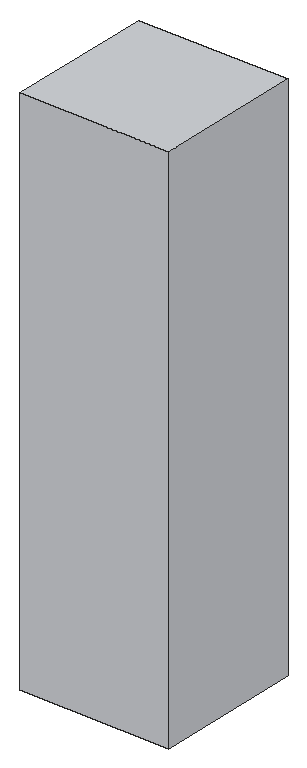
Revit family "Sample_Family_Eleven", category Generic Models, Revit 2022
Family settings
  Can host rebar = No
  Round Connector Dimension = Use Diameter
  Part Type = Normal
  Work Plane-Based = No
  Always vertical = Yes
  Cut with Voids When Loaded = No
  Maintain Annotation Orientation = No
  Shared = Yes
  Room Calculation Point = No
Parameters (values of type "Exclusion_Zone_Rectangular")
  WIDTH [instance] = 500 mm
  RADIUS [instance] = 250 mm
  Modified Issue = "151013"  # constant formula
  MOUNTING_HEIGHT_US_BVN [instance] = 2700 mm
  HEIGHT [instance] = 1800 mm
  Exclusion_Zone_Rectangular = yes
  Exclusion_Zone_Material [instance] = none
  Exclusion_Zone_Circular = no
  Default Elevation = 0 mm
  DEPTH [instance] = 500 mm
  Copyright = "BVN"  # constant formula
  Author = " BP "  # constant formula
Reference planes
  plane 1 "Center (Front/Back)": y = 0
  plane 2: z = 2700
  plane 3 "Center (Left/Right)": x = 0
  plane 4 "Left": x = -250
  plane 5 "Right": x = 250
  plane 6 "Back": y = 250
  plane 7 "Front": y = -250
  plane 8 "Top": z = 4500
Forms (mm)
  Extrusion 1, solid, material <- "Exclusion_Zone_Material", visible <- "Exclusion_Zone_Rectangular"
    sketch origin (0, 0, 0) x (1, 0, 0) y (0, 1, 0)
      loop
        line (-250, 250) -> (-250, -250) -> (250, -250) -> (250, 250) -> (-250, 250)
    from 2700 to 4500
  Extrusion 2, solid, material <- "Exclusion_Zone_Material", visible <- "Exclusion_Zone_Circular"
    sketch origin (0, 0, 0) x (1, 0, 0) y (0, 1, 0)
      loop
        circle (0, 0) r 250
    from 2700 to 4500
Text (mm)
  text "FRONT" at (-1742.456, -756.031, 0), in view "Ref. Level"
Dimensions and locks
  equal spacing: plane 4 "Left", plane 3 "Center (Left/Right)", plane 5 "Right"
  equal spacing: plane 6 "Back", plane 1 "Center (Front/Back)", plane 7 "Front"
  "DEPTH": plane 6 "Back" to plane 7 "Front"
  "WIDTH": plane 4 "Left" to plane 5 "Right"
  "HEIGHT": plane 8 "Top" to plane 2
  "MOUNTING_HEIGHT_US_BVN": plane 2 to level
  "RADIUS": radius of Extrusion 2 sketch curve
  aligned and locked: plane 6 "Back" to Extrusion 1
  aligned and locked: plane 5 "Right" to Extrusion 1
  aligned and locked: Extrusion 1 to plane 7 "Front"
  aligned and locked: Extrusion 1 to plane 4 "Left"
  aligned and locked: plane 8 "Top" to Extrusion 1
  aligned and locked: Extrusion 1 to plane 2
  aligned and locked: plane 8 "Top" to Extrusion 2
  aligned and locked: Extrusion 2 to plane 2
Automatic sketch dimensions
  Extrusion 1 sketch curve to plane 4 "Left" = 0 mm
  plane 5 "Right" to Extrusion 1 sketch curve = 0 mm
  Extrusion 1 sketch curve to plane 7 "Front" = 0 mm
  plane 6 "Back" to Extrusion 1 sketch curve = 0 mm
  plane 1 "Center (Front/Back)" to Extrusion 2 sketch curve = 0 mm
  Extrusion 2 sketch curve to plane 3 "Center (Left/Right)" = 0 mm
